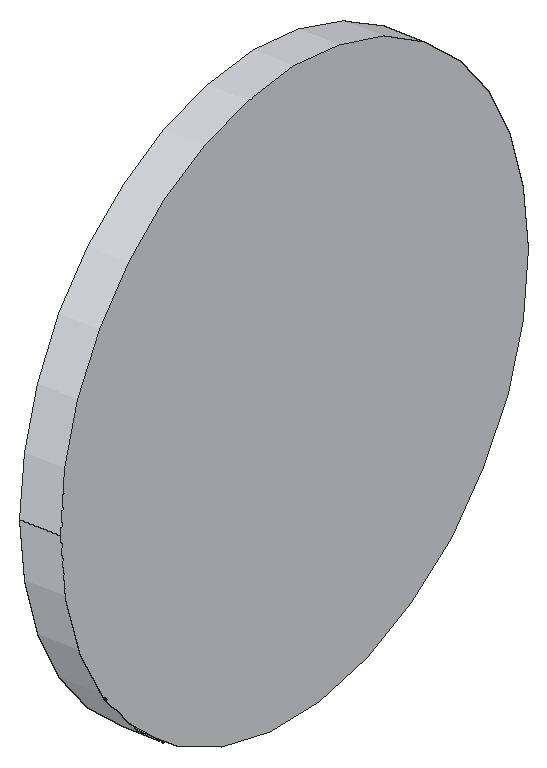
Revit family "08ee1efce4124580b00eb64ff1355c3b", category Pipe Fittings, Revit 2021
Family settings
  Round Connector Dimension = Use Radius
  Part Type = Cap
  OmniClass Number = 23.60.30.11.14
  OmniClass Title = Pipework Fittings
  Seek Item ID = Flange - Threaded - GI - Class 250-0000-USA-ENU
  Work Plane-Based = No
  Always vertical = Yes
  Cut with Voids When Loaded = No
  Shared = No
Parameters (values of type "Standard")
  Tick Size [instance] = Flange Diameter * 0.4  # 3.6000"
  Nominal Radius [instance] = 2.0000"
  Nominal Diameter [instance] = Nominal Radius * 2  # 4.0000"
  Loss Method = Not Defined
  Lookup Table Name = "Flange - Blind - Steel - Class 86"
  Flange Thickness [instance] = size_lookup(Lookup Table Name, "FThk", 0.02 * Nominal Diameter + 0.3500", Nominal Diameter)  # 0.6250"
  Flange Radius [instance] = Flange Diameter / 2  # 4.5000"
  Flange Diameter [instance] = size_lookup(Lookup Table Name, "FDia", 1.13 * Nominal Diameter + 5.0900", Nominal Diameter)  # 9.0000"
  Default Elevation = 0.0000"
Reference planes (in)
  plane 1 "Center (Front/Back)": y = 0
  plane 2: z = 0
  plane 3 "Center (Left/Right)": x = 0
  plane 4: y = 3.6
  plane 5: y = -3.6
  plane 6: x = 0.625
Forms (in)
  Extrusion 1, solid, detail levels fine
    sketch origin (0, 0, 0) x (0, 1, 0) y (0, 0, 1)
      loop
        circle (0, 0) r 4.5
    from 0 to 0.625
Lines and regions (in)
  model lines, detail levels coarse+medium
    curve 1: line (0, 3.6, 0) -> (0, -3.6, 0)
Dimensions and locks (in)
  equal spacing: plane 4, plane 1 "Center (Front/Back)", plane 5
  "Tick Size": plane 4 to plane 1 "Center (Front/Back)"
  "Flange Thickness": plane 3 "Center (Left/Right)" to plane 6
  "Flange Radius": radius of Extrusion 1 sketch curve
  aligned and locked: plane 4 to curve 1
  aligned and locked: plane 5 to curve 1
  aligned and locked: plane 6 to Extrusion 1
  aligned and locked: Extrusion 1 to plane 3 "Center (Left/Right)"
  aligned and locked: curve 1 to plane 3 "Center (Left/Right)"
Automatic sketch dimensions
  Extrusion 1 sketch curve to level = 0.0000"
  Extrusion 1 sketch curve to plane 1 "Center (Front/Back)" = 0.0000"
Connectors (in)
  piping at (0, 0, 0), diameter 4, driven by "Nominal Radius"
    settings: on Extrusion 1, index 1, connector inside diameter 4.0000", connector length 0.0000", flow factor 0, pipe flow 0 GPM, pressure drop 0.00 psi, fitting loss kfactor 0, connector angle 0.00°, fixture units 0, engagement length 0.0000", angle of deflection 0.00°, flow configuration 0, flow direction 0, fitting loss method 0, system type 28, joint type 0, gender type 0, connector reference index -1, connector utility 0, adjustable connector no, is connector primary yes, connector description ""
